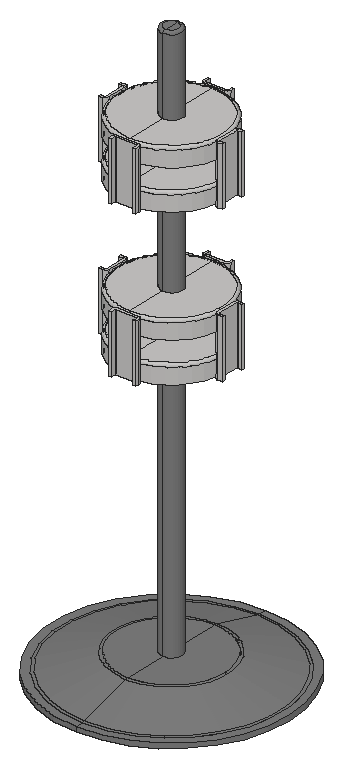
Revit family "QF_Vollrath_RSCL-4", category Specialty Equipment, Revit 2016
Family settings
  Part Type = Normal
  Round Connector Dimension = Use Diameter
  OmniClass Number = 23.40.40.00
  OmniClass Title = Food Service Equipment and Furnishings
  Work Plane-Based = Yes
  Always vertical = Yes
  Cut with Voids When Loaded = No
  Shared = No
  Room Calculation Point = No
Parameters
  Width = 11 1/2"
  Weight in Pounds = 0
  Watermarked By = ""
  URL Cutsheet = ""
  Specification by User [instance] = ""
  Specification by Manufacturer [instance] = ""
  Serial Number [instance] = ""
  Revision Code [instance] = ""
  NAFEM Spec ID Number [instance] = ""
  Model = "RSCL-4"
  Masterspec [instance] = ""
  Manufacturer = "Vollrath"
  Item Number [instance] = "-"
  Installed By [instance] = ""
  Height = 28 3/16"
  Furnished By [instance] = ""
  Foodservice Equipment Identifier = yes
  Description = "Rotating Stand for Cup and Lid Dispenser"
  Depth = 11 1/2"
  Default Elevation = 48"
  CSI MasterFormat = ""
Reference planes (in)
  plane 1 "BACK": y = 0
  plane 2 "BOTTOM": z = 0
  plane 3 "LEFT": x = -16.56573
  plane 4 "RIGHT": x = -5.06573
  plane 5 "FRONT": y = -11.5
  plane 6 "TOP": z = 28.1875
  plane 7 "CNTR LR": x = -10.81573
  plane 8 "CNTR FB": y = -5.75
  plane 9 "Top of Support Stand": z = 1
  plane 10 "Bottom of Bottom Lid": z = 14.0538
  plane 11: z = 16.8738
  plane 12 "Bottom of Top Lid": z = 21.5538
  plane 13: z = 24.3738
  plane 14: z = 14.9338
  plane 15: z = 15.9938
  plane 16: z = 22.4338
  plane 17: z = 23.4938
Forms (in)
  Revolve 1, solid, material "QF_Steel-Paint Finish-Dark Grey"
    sketch origin (-10.81573, 0, 0) x (0, 1, 0) y (0, 0, 1)
      loop
        line (0, 0) -> (0, 0.25) -> (-0.37959, 0.25)
        arc (-0.37959, 0.25) -> (-0.44931, 0.25489) -> (-0.51768, 0.26945) r 0.5
        line (-0.51768, 0.26945) -> (-2.99232, 0.98055)
        arc (-2.99232, 0.98055) -> (-3.06069, 0.99511) -> (-3.13041, 1) r 0.5
        line (-3.13041, 1) -> (-5.75, 1) -> (-5.75, 0.75) -> (-3.13041, 0.75)
        arc (-3.13041, 0.75) -> (-3.09555, 0.74756) -> (-3.06137, 0.74028) r 0.25
        line (-3.06137, 0.74028) -> (-0.58672, 0.02917)
        arc (-0.58672, 0.02917) -> (-0.48418, 0.00733) -> (-0.37959, 0) r 0.75
        line (-0.37959, 0) -> (0, 0)
      axis (-5.75, 0) -> (-5.75, 1)
    angle from 0 to 360
  Revolve 2, solid, material "QF_Steel-Paint Finish-Dark Grey"
    sketch origin (-10.81573, 0, 0) x (0, 1, 0) y (0, 0, 1)
      loop
        line (-5.75, 28.1875) -> (-5.75, 1) -> (-5.25, 1) -> (-5.25, 28.0625)
        arc (-5.25, 28.0625) -> (-5.28661, 28.15089) -> (-5.375, 28.1875) r 0.125
        line (-5.375, 28.1875) -> (-5.75, 28.1875)
      axis (-5.75, 28.1875) -> (-5.75, 1)
    angle from 0 to 360
  Revolve 3, solid, material "QF_Stainless-Polished"
    sketch origin (-10.81573, 0, 0) x (0, 1, 0) y (0, 0, 1)
      loop
        line (-5.25, 14.9338) -> (-5.25, 14.88302) -> (-3.25, 14.88302)
        arc (-3.25, 14.88302) -> (-3.19752, 14.86128) -> (-3.17578, 14.8088) r 0.07422
        line (-3.17578, 14.8088) -> (-3.17578, 14.0538) -> (-3.125, 14.0538) -> (-3.125, 14.8088)
        arc (-3.125, 14.8088) -> (-3.16161, 14.89719) -> (-3.25, 14.9338) r 0.125
        line (-3.25, 14.9338) -> (-5.25, 14.9338)
      axis (-5.75, 14.0538) -> (-5.75, 14.9338)
    angle from 0 to 360
  Revolve 4, solid, material "QF_Stainless-Polished"
    sketch origin (-10.81573, 0, 0) x (0, 1, 0) y (0, 0, 1)
      loop
        line (-5.25, 16.8738) -> (-5.25, 16.82302) -> (-3.25, 16.82302)
        arc (-3.25, 16.82302) -> (-3.19752, 16.80128) -> (-3.17578, 16.7488) r 0.07422
        line (-3.17578, 16.7488) -> (-3.17578, 15.9938) -> (-3.125, 15.9938) -> (-3.125, 16.7488)
        arc (-3.125, 16.7488) -> (-3.16161, 16.83719) -> (-3.25, 16.8738) r 0.125
        line (-3.25, 16.8738) -> (-5.25, 16.8738)
      axis (-5.75, 15.9938) -> (-5.75, 16.8738)
    angle from 0 to 360
  Revolve 5, solid, material "QF_Stainless-Polished"
    sketch origin (-10.81573, 0, 0) x (0, 1, 0) y (0, 0, 1)
      loop
        line (-5.25, 22.4338) -> (-5.25, 22.38302) -> (-3.25, 22.38302)
        arc (-3.25, 22.38302) -> (-3.19752, 22.36128) -> (-3.17578, 22.3088) r 0.07422
        line (-3.17578, 22.3088) -> (-3.17578, 21.5538) -> (-3.125, 21.5538) -> (-3.125, 22.3088)
        arc (-3.125, 22.3088) -> (-3.16161, 22.39719) -> (-3.25, 22.4338) r 0.125
        line (-3.25, 22.4338) -> (-5.25, 22.4338)
      axis (-5.75, 21.5538) -> (-5.75, 22.4338)
    angle from 0 to 360
  Revolve 6, solid, material "QF_Stainless-Polished"
    sketch origin (-10.81573, 0, 0) x (0, 1, 0) y (0, 0, 1)
      loop
        line (-3.25, 24.3738) -> (-5.25, 24.3738) -> (-5.25, 24.32302) -> (-3.25, 24.32302)
        arc (-3.25, 24.32302) -> (-3.19752, 24.30128) -> (-3.17578, 24.2488) r 0.07422
        line (-3.17578, 24.2488) -> (-3.17578, 23.4938) -> (-3.125, 23.4938) -> (-3.125, 24.2488)
        arc (-3.125, 24.2488) -> (-3.16161, 24.33719) -> (-3.25, 24.3738) r 0.125
      axis (-5.75, 24.3738) -> (-5.75, 23.4938)
    angle from 0 to 360
  Extrusion 7, solid, material "QF_Stainless-Polished"
    sketch origin (0, 0, 14.0538) x (0, 1, 0) y (-1, 0, 0)
      loop
        line (-3.125, 11.32525) -> (-3.125, 10.3062)
        arc (-3.125, 10.3062) -> (-3.07558, 10.19388) -> (-2.95938, 10.15443) r 0.15234
        line (-2.95938, 10.15443) -> (-2.765, 10.17144) -> (-2.765, 10.293) -> (-2.96993, 10.27507)
        arc (-2.96993, 10.27507) -> (-2.99377, 10.28316) -> (-3.00391, 10.3062) r 0.03125
        line (-3.00391, 10.3062) -> (-3.00391, 11.32525)
        arc (-3.00391, 11.32525) -> (-2.99377, 11.34829) -> (-2.96993, 11.35638) r 0.03125
        line (-2.96993, 11.35638) -> (-2.765, 11.33845) -> (-2.765, 11.46001) -> (-2.95938, 11.47702)
        arc (-2.95938, 11.47702) -> (-3.07558, 11.43757) -> (-3.125, 11.32525) r 0.15234
      loop
        arc (-8.375, 11.32525) -> (-8.42442, 11.43757) -> (-8.54062, 11.47702) r 0.15234
        line (-8.54062, 11.47702) -> (-8.735, 11.46001) -> (-8.735, 11.33845) -> (-8.53007, 11.35638)
        arc (-8.53007, 11.35638) -> (-8.50623, 11.34829) -> (-8.49609, 11.32525) r 0.03125
        line (-8.49609, 11.32525) -> (-8.49609, 10.3062)
        arc (-8.49609, 10.3062) -> (-8.50623, 10.28316) -> (-8.53007, 10.27507) r 0.03125
        line (-8.53007, 10.27507) -> (-8.735, 10.293) -> (-8.735, 10.17144) -> (-8.54062, 10.15443)
        arc (-8.54062, 10.15443) -> (-8.42442, 10.19388) -> (-8.375, 10.3062) r 0.15234
        line (-8.375, 10.3062) -> (-8.375, 11.32525)
      loop
        arc (-5.24047, 13.44073) -> (-5.12815, 13.49015) -> (-5.08871, 13.60635) r 0.15234
        line (-5.08871, 13.60635) -> (-5.10571, 13.80073) -> (-5.22727, 13.80073) -> (-5.20934, 13.59579)
        arc (-5.20934, 13.59579) -> (-5.21743, 13.57196) -> (-5.24047, 13.56182) r 0.03125
        line (-5.24047, 13.56182) -> (-6.25953, 13.56182)
        arc (-6.25953, 13.56182) -> (-6.28257, 13.57196) -> (-6.29066, 13.59579) r 0.03125
        line (-6.29066, 13.59579) -> (-6.27273, 13.80073) -> (-6.39429, 13.80073) -> (-6.41129, 13.60635)
        arc (-6.41129, 13.60635) -> (-6.37185, 13.49015) -> (-6.25953, 13.44073) r 0.15234
        line (-6.25953, 13.44073) -> (-5.24047, 13.44073)
      loop
        line (-5.24047, 8.19073) -> (-6.25953, 8.19073)
        arc (-6.25953, 8.19073) -> (-6.37185, 8.1413) -> (-6.41129, 8.0251) r 0.15234
        line (-6.41129, 8.0251) -> (-6.39429, 7.83073) -> (-6.27273, 7.83073) -> (-6.29066, 8.03566)
        arc (-6.29066, 8.03566) -> (-6.28257, 8.05949) -> (-6.25953, 8.06963) r 0.03125
        line (-6.25953, 8.06963) -> (-5.24047, 8.06963)
        arc (-5.24047, 8.06963) -> (-5.21743, 8.05949) -> (-5.20934, 8.03566) r 0.03125
        line (-5.20934, 8.03566) -> (-5.22727, 7.83073) -> (-5.10571, 7.83073) -> (-5.08871, 8.0251)
        arc (-5.08871, 8.0251) -> (-5.12815, 8.1413) -> (-5.24047, 8.19073) r 0.15234
    from 0 to 2.82
  Extrusion 8, solid, material "QF_Stainless-Polished"
    sketch origin (0, 0, 21.5538) x (0, 1, 0) y (-1, 0, 0)
      loop
        line (-2.96993, 11.35638) -> (-2.765, 11.33845) -> (-2.765, 11.46001) -> (-2.95938, 11.47702)
        arc (-2.95938, 11.47702) -> (-3.07558, 11.43757) -> (-3.125, 11.32525) r 0.15234
        line (-3.125, 11.32525) -> (-3.125, 10.3062)
        arc (-3.125, 10.3062) -> (-3.07558, 10.19388) -> (-2.95938, 10.15443) r 0.15234
        line (-2.95938, 10.15443) -> (-2.765, 10.17144) -> (-2.765, 10.293) -> (-2.96993, 10.27507)
        arc (-2.96993, 10.27507) -> (-2.99377, 10.28316) -> (-3.00391, 10.3062) r 0.03125
        line (-3.00391, 10.3062) -> (-3.00391, 11.32525)
        arc (-3.00391, 11.32525) -> (-2.99377, 11.34829) -> (-2.96993, 11.35638) r 0.03125
      loop
        line (-5.20934, 8.03566) -> (-5.22727, 7.83073) -> (-5.10571, 7.83073) -> (-5.08871, 8.0251)
        arc (-5.08871, 8.0251) -> (-5.12815, 8.1413) -> (-5.24047, 8.19073) r 0.15234
        line (-5.24047, 8.19073) -> (-6.25953, 8.19073)
        arc (-6.25953, 8.19073) -> (-6.37185, 8.1413) -> (-6.41129, 8.0251) r 0.15234
        line (-6.41129, 8.0251) -> (-6.39429, 7.83073) -> (-6.27273, 7.83073) -> (-6.29066, 8.03566)
        arc (-6.29066, 8.03566) -> (-6.28257, 8.05949) -> (-6.25953, 8.06963) r 0.03125
        line (-6.25953, 8.06963) -> (-5.24047, 8.06963)
        arc (-5.24047, 8.06963) -> (-5.21743, 8.05949) -> (-5.20934, 8.03566) r 0.03125
      loop
        line (-8.49609, 11.32525) -> (-8.49609, 10.3062)
        arc (-8.49609, 10.3062) -> (-8.50623, 10.28316) -> (-8.53007, 10.27507) r 0.03125
        line (-8.53007, 10.27507) -> (-8.735, 10.293) -> (-8.735, 10.17144) -> (-8.54062, 10.15443)
        arc (-8.54062, 10.15443) -> (-8.42442, 10.19388) -> (-8.375, 10.3062) r 0.15234
        line (-8.375, 10.3062) -> (-8.375, 11.32525)
        arc (-8.375, 11.32525) -> (-8.42442, 11.43757) -> (-8.54062, 11.47702) r 0.15234
        line (-8.54062, 11.47702) -> (-8.735, 11.46001) -> (-8.735, 11.33845) -> (-8.53007, 11.35638)
        arc (-8.53007, 11.35638) -> (-8.50623, 11.34829) -> (-8.49609, 11.32525) r 0.03125
      loop
        arc (-6.41129, 13.60635) -> (-6.37185, 13.49015) -> (-6.25953, 13.44073) r 0.15234
        line (-6.25953, 13.44073) -> (-5.24047, 13.44073)
        arc (-5.24047, 13.44073) -> (-5.12815, 13.49015) -> (-5.08871, 13.60635) r 0.15234
        line (-5.08871, 13.60635) -> (-5.10571, 13.80073) -> (-5.22727, 13.80073) -> (-5.20934, 13.59579)
        arc (-5.20934, 13.59579) -> (-5.21743, 13.57196) -> (-5.24047, 13.56182) r 0.03125
        line (-5.24047, 13.56182) -> (-6.25953, 13.56182)
        arc (-6.25953, 13.56182) -> (-6.28257, 13.57196) -> (-6.29066, 13.59579) r 0.03125
        line (-6.29066, 13.59579) -> (-6.27273, 13.80073) -> (-6.39429, 13.80073) -> (-6.41129, 13.60635)
    from 0 to 2.82
Lines and regions (in)
  symbolic lines
    curve 1: circle (-10.81573, -5.75, 21.5538) r 5.75 normal (0, 0, 1)
  symbolic lines, style "QF_Details_Surface"
    curve 2: circle (-10.81573, -5.75, 21.5538) r 0.5 normal (0, 0, 1)
    curve 3: circle (-10.81573, -5.75, 21.5538) r 2.625 normal (0, 0, 1)
    curve 4: line (-11.32525, -3.125, 21.5538) -> (-10.3062, -3.125, 21.5538)
    curve 5: arc (-11.47702, -2.95938, 21.5538) -> (-11.43757, -3.07558, 21.5538) -> (-11.32525, -3.125, 21.5538) r 0.15234
    curve 6: line (-11.46001, -2.765, 21.5538) -> (-11.47702, -2.95938, 21.5538)
    curve 7: line (-11.33845, -2.765, 21.5538) -> (-11.46001, -2.765, 21.5538)
    curve 8: line (-11.35638, -2.96993, 21.5538) -> (-11.33845, -2.765, 21.5538)
    curve 9: arc (-11.32525, -3.00391, 21.5538) -> (-11.34829, -2.99377, 21.5538) -> (-11.35638, -2.96993, 21.5538) r 0.03125
    curve 10: line (-10.3062, -3.00391, 21.5538) -> (-11.32525, -3.00391, 21.5538)
    curve 11: arc (-10.3062, -3.125, 21.5538) -> (-10.19388, -3.07558, 21.5538) -> (-10.15443, -2.95938, 21.5538) r 0.15234
    curve 12: line (-10.15443, -2.95938, 21.5538) -> (-10.17144, -2.765, 21.5538)
    curve 13: line (-10.17144, -2.765, 21.5538) -> (-10.293, -2.765, 21.5538)
    curve 14: line (-10.293, -2.765, 21.5538) -> (-10.27507, -2.96993, 21.5538)
    curve 15: arc (-10.27507, -2.96993, 21.5538) -> (-10.28316, -2.99377, 21.5538) -> (-10.3062, -3.00391, 21.5538) r 0.03125
    curve 16: line (-8.06963, -6.25953, 21.5538) -> (-8.06963, -5.24047, 21.5538)
    curve 17: arc (-8.06963, -5.24047, 21.5538) -> (-8.05949, -5.21743, 21.5538) -> (-8.03566, -5.20934, 21.5538) r 0.03125
    curve 18: line (-8.03566, -5.20934, 21.5538) -> (-7.83073, -5.22727, 21.5538)
    curve 19: line (-7.83073, -5.22727, 21.5538) -> (-7.83073, -5.10571, 21.5538)
    curve 20: line (-7.83073, -5.10571, 21.5538) -> (-8.0251, -5.08871, 21.5538)
    curve 21: arc (-8.0251, -5.08871, 21.5538) -> (-8.1413, -5.12815, 21.5538) -> (-8.19073, -5.24047, 21.5538) r 0.15234
    curve 22: line (-8.19073, -5.24047, 21.5538) -> (-8.19073, -6.25953, 21.5538)
    curve 23: arc (-8.19073, -6.25953, 21.5538) -> (-8.1413, -6.37185, 21.5538) -> (-8.0251, -6.41129, 21.5538) r 0.15234
    curve 24: line (-8.0251, -6.41129, 21.5538) -> (-7.83073, -6.39429, 21.5538)
    curve 25: line (-7.83073, -6.39429, 21.5538) -> (-7.83073, -6.27273, 21.5538)
    curve 26: line (-7.83073, -6.27273, 21.5538) -> (-8.03566, -6.29066, 21.5538)
    curve 27: arc (-8.03566, -6.29066, 21.5538) -> (-8.05949, -6.28257, 21.5538) -> (-8.06963, -6.25953, 21.5538) r 0.03125
    curve 28: line (-10.27507, -8.53007, 21.5538) -> (-10.293, -8.735, 21.5538)
    curve 29: line (-10.293, -8.735, 21.5538) -> (-10.17144, -8.735, 21.5538)
    curve 30: line (-10.17144, -8.735, 21.5538) -> (-10.15443, -8.54062, 21.5538)
    curve 31: arc (-10.15443, -8.54062, 21.5538) -> (-10.19388, -8.42442, 21.5538) -> (-10.3062, -8.375, 21.5538) r 0.15234
    curve 32: line (-10.3062, -8.375, 21.5538) -> (-11.32525, -8.375, 21.5538)
    curve 33: line (-11.32525, -8.49609, 21.5538) -> (-10.3062, -8.49609, 21.5538)
    curve 34: arc (-10.3062, -8.49609, 21.5538) -> (-10.28316, -8.50623, 21.5538) -> (-10.27507, -8.53007, 21.5538) r 0.03125
    curve 35: arc (-11.35638, -8.53007, 21.5538) -> (-11.34829, -8.50623, 21.5538) -> (-11.32525, -8.49609, 21.5538) r 0.03125
    curve 36: arc (-11.32525, -8.375, 21.5538) -> (-11.43757, -8.42442, 21.5538) -> (-11.47702, -8.54062, 21.5538) r 0.15234
    curve 37: line (-11.47702, -8.54062, 21.5538) -> (-11.46001, -8.735, 21.5538)
    curve 38: line (-11.33845, -8.735, 21.5538) -> (-11.35638, -8.53007, 21.5538)
    curve 39: line (-11.46001, -8.735, 21.5538) -> (-11.33845, -8.735, 21.5538)
    curve 40: line (-13.80073, -6.39429, 21.5538) -> (-13.60635, -6.41129, 21.5538)
    curve 41: arc (-13.60635, -6.41129, 21.5538) -> (-13.49015, -6.37185, 21.5538) -> (-13.44073, -6.25953, 21.5538) r 0.15234
    curve 42: line (-13.44073, -6.25953, 21.5538) -> (-13.44073, -5.24047, 21.5538)
    curve 43: line (-13.56182, -5.24047, 21.5538) -> (-13.56182, -6.25953, 21.5538)
    curve 44: arc (-13.56182, -6.25953, 21.5538) -> (-13.57196, -6.28257, 21.5538) -> (-13.59579, -6.29066, 21.5538) r 0.03125
    curve 45: line (-13.59579, -6.29066, 21.5538) -> (-13.80073, -6.27273, 21.5538)
    curve 46: line (-13.80073, -6.27273, 21.5538) -> (-13.80073, -6.39429, 21.5538)
    curve 47: arc (-13.59579, -5.20934, 21.5538) -> (-13.57196, -5.21743, 21.5538) -> (-13.56182, -5.24047, 21.5538) r 0.03125
    curve 48: line (-13.80073, -5.22727, 21.5538) -> (-13.59579, -5.20934, 21.5538)
    curve 49: line (-13.80073, -5.10571, 21.5538) -> (-13.80073, -5.22727, 21.5538)
    curve 50: line (-13.60635, -5.08871, 21.5538) -> (-13.80073, -5.10571, 21.5538)
    curve 51: arc (-13.44073, -5.24047, 21.5538) -> (-13.49015, -5.12815, 21.5538) -> (-13.60635, -5.08871, 21.5538) r 0.15234
Dimensions and locks (in)
  "Width": plane 3 "LEFT" to plane 4 "RIGHT"
  "Depth": plane 5 "FRONT" to plane 1 "BACK"
  "Height": plane 6 "TOP" to plane 2 "BOTTOM"
  equal spacing: plane 3 "LEFT", plane 7 "CNTR LR", plane 4 "RIGHT"
  equal spacing: plane 5 "FRONT", plane 8 "CNTR FB", plane 1 "BACK"
  locked: plane 9 "Top of Support Stand" to plane 2 "BOTTOM" at 1
  locked: plane 10 "Bottom of Bottom Lid" to plane 9 "Top of Support Stand" at 13.0538
  locked: plane 11 to plane 10 "Bottom of Bottom Lid" at 2.82
  locked: plane 12 "Bottom of Top Lid" to plane 11 at 4.68
  locked: plane 13 to plane 12 "Bottom of Top Lid" at 2.82
  locked: plane 14 to plane 10 "Bottom of Bottom Lid" at 0.88
  locked: plane 11 to plane 15 at 0.88
  locked: plane 16 to plane 12 "Bottom of Top Lid" at 0.88
  locked: plane 13 to plane 17 at 0.88
  aligned and locked: level to plane 2 "BOTTOM"
  aligned and locked: Revolve 1 sketch curve to plane 8 "CNTR FB"
  aligned and locked: plane 1 "BACK" to Revolve 1 sketch curve
  aligned and locked: plane 9 "Top of Support Stand" to Revolve 1 sketch curve
  aligned and locked: Revolve 1 sketch curve to level
  aligned and locked: plane 8 "CNTR FB" to Revolve 2 sketch curve  (x2)
  aligned and locked: plane 6 "TOP" to Revolve 2 sketch curve
  aligned and locked: Revolve 2 sketch curve to plane 9 "Top of Support Stand"
  aligned and locked: Revolve 3 sketch curve to plane 14
  aligned and locked: plane 10 "Bottom of Bottom Lid" to Revolve 3 sketch curve
  aligned and locked: plane 15 to Revolve 4 sketch curve  (x2)
  aligned and locked: Revolve 4 sketch curve to plane 11
  aligned and locked: plane 12 "Bottom of Top Lid" to Revolve 5 sketch curve
  aligned and locked: plane 16 to Revolve 5 sketch curve
  aligned and locked: Revolve 5 sketch curve to plane 8 "CNTR FB"
  aligned and locked: Revolve 5 sketch curve to plane 16
  aligned and locked: Revolve 5 sketch curve to plane 12 "Bottom of Top Lid"
  aligned and locked: plane 13 to Revolve 6 sketch curve
  aligned and locked: Revolve 6 sketch curve to plane 17
  aligned and locked: plane 11 to Extrusion 7
  aligned and locked: plane 13 to Extrusion 8
Automatic sketch dimensions
  Revolve 1 sketch curve to Revolve 1 sketch curve = 0"  (x4)
  Revolve 1 sketch curve to level = 0"
  Revolve 1 sketch curve to plane 8 "CNTR FB" = 0"
  Revolve 1 sketch curve to plane 9 "Top of Support Stand" = 0"
  level to Revolve 1 sketch curve = 1/2"
  Revolve 1 sketch curve to plane 8 "CNTR FB" = 2.61959"
  Revolve 1 sketch curve to plane 9 "Top of Support Stand" = 0.25972"
  Revolve 1 sketch curve to Revolve 1 sketch curve = 0.06904"  (x2)
  Revolve 1 sketch curve to plane 9 "Top of Support Stand" = 0.01945"
  level to Revolve 1 sketch curve = 0.02917"
  plane 1 "BACK" to Revolve 1 sketch curve = 0.58672"
  level to Revolve 1 sketch curve = 0.26945"
  Revolve 1 sketch curve to plane 9 "Top of Support Stand" = 1/4"
  Revolve 2 sketch curve to plane 9 "Top of Support Stand" = 0"
  Revolve 2 sketch curve to plane 6 "TOP" = 0"
  Revolve 2 sketch curve to plane 6 "TOP" = 1/8"
  Revolve 2 sketch curve to plane 8 "CNTR FB" = 3/8"
  Revolve 3 sketch curve to Revolve 3 sketch curve = 0"  (x2)
  Revolve 3 sketch curve to plane 8 "CNTR FB" = 0"
  Revolve 3 sketch curve to plane 10 "Bottom of Bottom Lid" = 0"
  Revolve 3 sketch curve to plane 14 = 0"
  Revolve 3 sketch curve to plane 14 = 13/256"
  Revolve 3 sketch curve to plane 8 "CNTR FB" = 1/2"
  Revolve 3 sketch curve to Revolve 3 sketch curve = 19/256"
  Revolve 3 sketch curve to Revolve 3 sketch curve = 2"
  Revolve 4 sketch curve to Revolve 4 sketch curve = 0"  (x2)
  Revolve 4 sketch curve to plane 8 "CNTR FB" = 0"
  Revolve 4 sketch curve to plane 11 = 0"
  Revolve 4 sketch curve to plane 11 = 13/256"
  Revolve 4 sketch curve to plane 8 "CNTR FB" = 1/2"
  Revolve 4 sketch curve to Revolve 4 sketch curve = 19/256"
  Revolve 4 sketch curve to Revolve 4 sketch curve = 2"
  Revolve 5 sketch curve to Revolve 5 sketch curve = 0"  (x2)
  Revolve 5 sketch curve to plane 16 = 13/256"
  Revolve 5 sketch curve to plane 8 "CNTR FB" = 1/2"
  Revolve 5 sketch curve to Revolve 5 sketch curve = 19/256"
  Revolve 5 sketch curve to Revolve 5 sketch curve = 2"
  Revolve 6 sketch curve to Revolve 6 sketch curve = 0"  (x2)
  Revolve 6 sketch curve to plane 8 "CNTR FB" = 0"
  Revolve 6 sketch curve to plane 17 = 0"
  Revolve 6 sketch curve to plane 13 = 0"
  Revolve 6 sketch curve to plane 13 = 13/256"
  Revolve 6 sketch curve to plane 8 "CNTR FB" = 1/2"
  Revolve 6 sketch curve to Revolve 6 sketch curve = 19/256"
  Revolve 6 sketch curve to Revolve 6 sketch curve = 2"
  Extrusion 7 sketch curve to Extrusion 7 sketch curve = 0"  (x17)
  plane 7 "CNTR LR" to Extrusion 7 sketch curve = 0.64429"  (x2)
  Extrusion 7 sketch curve to plane 5 "FRONT" = 2.765"
  Extrusion 7 sketch curve to plane 7 "CNTR LR" = 0.66129"  (x2)
  Extrusion 7 sketch curve to Extrusion 7 sketch curve = 0.19438"  (x5)
  plane 7 "CNTR LR" to Extrusion 7 sketch curve = 0.66129"  (x2)
  Extrusion 7 sketch curve to plane 7 "CNTR LR" = 0.54066"  (x2)
  Extrusion 7 sketch curve to Extrusion 7 sketch curve = 0.01055"
  plane 7 "CNTR LR" to Extrusion 7 sketch curve = 0.54066"  (x2)
  Extrusion 7 sketch curve to Extrusion 7 sketch curve = 0.00272"  (x3)
  Extrusion 7 sketch curve to Extrusion 7 sketch curve = 1/32"  (x7)
  plane 8 "CNTR FB" to Extrusion 7 sketch curve = 0.66129"  (x2)
  Extrusion 7 sketch curve to Extrusion 7 sketch curve = 0.01701"  (x2)
  Extrusion 7 sketch curve to Extrusion 7 sketch curve = 0.12063"  (x4)
  Extrusion 7 sketch curve to Extrusion 7 sketch curve = 0.12156"  (x8)
  Extrusion 7 sketch curve to Extrusion 7 sketch curve = 0.03113"  (x4)
  Extrusion 7 sketch curve to plane 8 "CNTR FB" = 0.50953"  (x2)
  Extrusion 7 sketch curve to Extrusion 7 sketch curve = 0.0132"  (x2)
  Extrusion 7 sketch curve to plane 7 "CNTR LR" = 0.50953"
  Extrusion 7 sketch curve to plane 8 "CNTR FB" = 2 5/8"
  Extrusion 7 sketch curve to Extrusion 7 sketch curve = 31/256"  (x3)
  Extrusion 7 sketch curve to plane 7 "CNTR LR" = 0.64429"
  plane 7 "CNTR LR" to Extrusion 7 sketch curve = 2 5/8"
  Extrusion 7 sketch curve to Extrusion 7 sketch curve = 0.20493"  (x3)
  Extrusion 7 sketch curve to Extrusion 7 sketch curve = 0.01793"
  Extrusion 7 sketch curve to plane 7 "CNTR LR" = 2 5/8"
  Extrusion 8 sketch curve to plane 7 "CNTR LR" = 0.52273"  (x2)
  plane 1 "BACK" to Extrusion 8 sketch curve = 2.765"
  Extrusion 8 sketch curve to plane 7 "CNTR LR" = 0.54066"
  Extrusion 8 sketch curve to Extrusion 8 sketch curve = 0.20493"  (x4)
  Extrusion 8 sketch curve to Extrusion 8 sketch curve = 0.12156"  (x6)
  Extrusion 8 sketch curve to plane 7 "CNTR LR" = 0.66129"
  Extrusion 8 sketch curve to Extrusion 8 sketch curve = 0.01055"  (x2)
  Extrusion 8 sketch curve to Extrusion 8 sketch curve = 0.00272"  (x7)
  Extrusion 8 sketch curve to Extrusion 8 sketch curve = 0.03113"  (x5)
  plane 7 "CNTR LR" to Extrusion 8 sketch curve = 0.50953"  (x2)
  Extrusion 8 sketch curve to Extrusion 8 sketch curve = 39/256"  (x2)
  Extrusion 8 sketch curve to Extrusion 8 sketch curve = 0.01328"  (x4)
  plane 7 "CNTR LR" to Extrusion 8 sketch curve = 0.64429"  (x2)
  Extrusion 8 sketch curve to Extrusion 8 sketch curve = 0.19438"  (x4)
  plane 7 "CNTR LR" to Extrusion 8 sketch curve = 0.54066"
  Extrusion 8 sketch curve to Extrusion 8 sketch curve = 0"  (x14)
  Extrusion 8 sketch curve to plane 8 "CNTR FB" = 0.52273"
  Extrusion 8 sketch curve to plane 4 "RIGHT" = 2.765"
  Extrusion 8 sketch curve to Extrusion 8 sketch curve = 0.01793"
  Extrusion 8 sketch curve to Extrusion 8 sketch curve = 0.12063"  (x2)
  plane 8 "CNTR FB" to Extrusion 8 sketch curve = 0.50953"
  Extrusion 8 sketch curve to Extrusion 8 sketch curve = 1/32"  (x3)
  Extrusion 8 sketch curve to Extrusion 8 sketch curve = 0.15176"  (x2)
  Extrusion 8 sketch curve to Extrusion 8 sketch curve = 0.01701"  (x3)
  plane 8 "CNTR FB" to Extrusion 8 sketch curve = 2 5/8"
  Extrusion 8 sketch curve to Extrusion 8 sketch curve = 31/256"
  Extrusion 8 sketch curve to plane 7 "CNTR LR" = 0.50953"
  plane 7 "CNTR LR" to Extrusion 8 sketch curve = 0.52273"
  Extrusion 8 sketch curve to plane 7 "CNTR LR" = 0.64429"
  plane 8 "CNTR FB" to Extrusion 8 sketch curve = 0.66129"
  Extrusion 8 sketch curve to plane 7 "CNTR LR" = 2 199/256"
  Extrusion 8 sketch curve to plane 8 "CNTR FB" = 0.50953"
  curve 1 to curve 2 = 0"
  curve 1 to curve 3 = 0"
  curve 2 to curve 3 = 0"  (x2)
  curve 2 to plane 7 "CNTR LR" = 0"
  plane 8 "CNTR FB" to curve 2 = 0"
  curve 4 to plane 7 "CNTR LR" = 0.50953"
  curve 4 to plane 8 "CNTR FB" = 2 5/8"
  curve 5 to curve 5 = 39/256"
  curve 5 to curve 5 = 0.01328"
  plane 7 "CNTR LR" to curve 4 = 0.50953"
  curve 6 to plane 7 "CNTR LR" = 0.64429"
  curve 5 to curve 6 = 0.19438"
  curve 7 to curve 6 = 0.12156"
  curve 8 to plane 7 "CNTR LR" = 0.54066"
  curve 5 to curve 8 = 0.00272"
  curve 5 to curve 9 = 0"  (x2)
  curve 10 to curve 4 = 0"
  curve 10 to curve 11 = 1/32"
  curve 11 to curve 11 = 0.01328"
  plane 7 "CNTR LR" to curve 12 = 0.64429"
  curve 12 to curve 12 = 0.19438"
  curve 13 to curve 13 = 0.12156"
  plane 7 "CNTR LR" to curve 14 = 0.54066"
  curve 11 to curve 14 = 0.00272"
  curve 16 to plane 8 "CNTR FB" = 0.50953"
  plane 7 "CNTR LR" to curve 16 = 2 191/256"
  curve 17 to curve 16 = 1/32"
  plane 8 "CNTR FB" to curve 16 = 0.50953"
  curve 17 to curve 17 = 0.03113"
  curve 18 to curve 17 = 0.01793"
  curve 18 to curve 17 = 0.20493"
  curve 18 to curve 19 = 0.12156"
  curve 17 to curve 20 = 0.12063"
  curve 20 to curve 17 = 0.01055"
  curve 17 to curve 21 = 0"  (x2)
  curve 22 to curve 16 = 0"
  curve 23 to curve 16 = 1/32"
  curve 23 to curve 23 = 0.15176"
  curve 24 to curve 24 = 0.01701"
  curve 24 to curve 24 = 0.19438"
  curve 25 to curve 25 = 0.12156"
  curve 26 to curve 23 = 0.03113"
  curve 26 to curve 23 = 0.00272"
  plane 7 "CNTR LR" to curve 28 = 0.52273"
  curve 28 to plane 5 "FRONT" = 2.765"
  plane 7 "CNTR LR" to curve 28 = 0.54066"
  curve 28 to curve 28 = 0.20493"
  curve 29 to curve 28 = 0.12156"
  plane 7 "CNTR LR" to curve 30 = 0.66129"
  curve 30 to curve 28 = 0.01055"
  curve 28 to curve 31 = 0.00272"
  curve 28 to curve 31 = 0.03113"
  curve 32 to plane 7 "CNTR LR" = 0.50953"
  curve 31 to curve 34 = 0"  (x2)
  curve 33 to curve 32 = 0"
  curve 35 to curve 35 = 1/32"
  curve 35 to curve 35 = 0.00272"
  curve 35 to curve 36 = 0"
  curve 36 to curve 35 = 0.01055"
  curve 37 to plane 7 "CNTR LR" = 0.64429"
  curve 37 to curve 37 = 0.19438"
  curve 38 to plane 7 "CNTR LR" = 0.52273"
  plane 8 "CNTR FB" to curve 40 = 0.66129"
  curve 40 to curve 41 = 0.15176"
  curve 41 to plane 7 "CNTR LR" = 2 199/256"
  curve 41 to curve 40 = 0.01328"
  curve 40 to curve 40 = 0.01701"
  curve 40 to curve 40 = 0.19438"
  curve 42 to plane 8 "CNTR FB" = 0.50953"
  curve 41 to curve 44 = 0"  (x2)
  curve 43 to curve 41 = 1/32"
  curve 44 to curve 41 = 0.03113"
  curve 43 to curve 42 = 0"
  curve 40 to curve 45 = 0.12156"
  curve 47 to curve 47 = 1/32"
  curve 47 to curve 47 = 0.03113"
  curve 48 to curve 48 = 0.01793"
  curve 48 to curve 48 = 0.20493"
  curve 48 to curve 49 = 0.12156"
  curve 47 to curve 50 = 0.12063"
  curve 47 to curve 50 = 0.01055"
  radius of curve 1 = 5 3/4"
  radius of curve 2 = 1/2"
  radius of curve 3 = 2 5/8"
